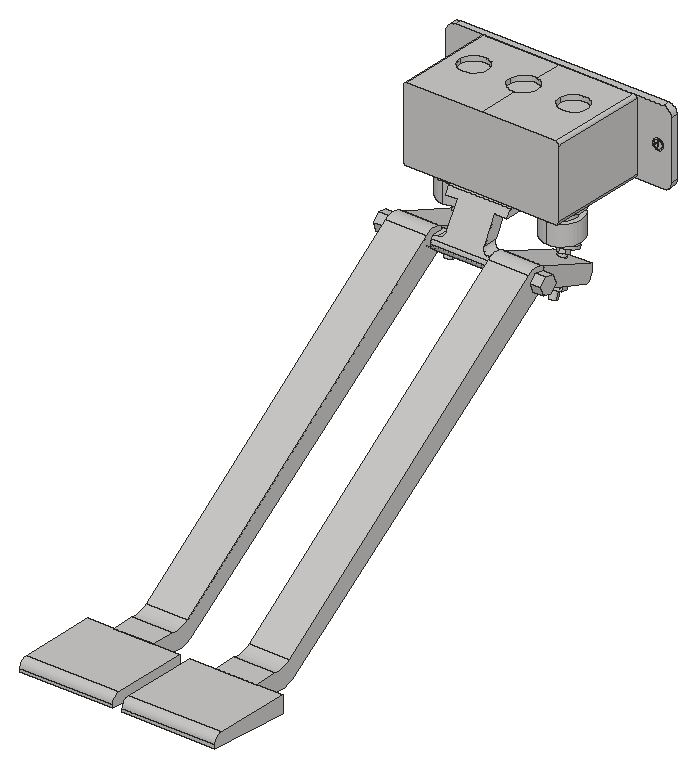
Revit family "S-3219", category Plumbing Fixtures, Revit 2022
Family settings
  Round Connector Dimension = Use Diameter
  Part Type = Normal
  OmniClass Number = 23.45.00.00
  OmniClass Title = Sanitary, Laundry, and Cleaning Equipment
  Work Plane-Based = No
  Always vertical = Yes
  Cut with Voids When Loaded = No
  Maintain Annotation Orientation = No
  Shared = No
  Room Calculation Point = No
Parameters
  LINE = yes
  Default Elevation = 0' - 0"
Reference planes (in)
  plane 1 "Center (Front/Back)": y = 0
  plane 2: z = 0
  plane 3 "Center (Left/Right)": x = 0
  plane 4: y = -1.5
  plane 5: y = -14
  plane 6: x = -2.5
  plane 7: x = 2.5
  plane 8: x = -1.5
  plane 9: x = 1.5
  plane 10: z = 0.9375
  plane 11: z = -9.25
  plane 12: z = -0.9375
Forms (in)
  Extrusion 1, solid, material "Metal"
    sketch origin (0, 0, -0.13672) x (1, 0, 0) y (0, 0, 1)
      loop
        arc (-2.55174, 0.9375) -> (-2.72851, 0.86428) -> (-2.80174, 0.6875) r 0.25
        line (-2.80174, 0.6875) -> (-2.80174, -0.72783)
        arc (-2.80174, -0.72783) -> (-2.74032, -0.87609) -> (-2.59206, -0.9375) r 0.20967
        line (-2.59206, -0.9375) -> (2.65957, -0.9375)
        arc (2.65957, -0.9375) -> (2.8043, -0.87755) -> (2.86425, -0.73282) r 0.20468
        line (2.86425, -0.73282) -> (2.86425, 0.72855)
        arc (2.86425, 0.72855) -> (2.80305, 0.8763) -> (2.65531, 0.9375) r 0.20895
        line (2.65531, 0.9375) -> (-2.55174, 0.9375)
    from 0 to 0.15888
  Extrusion 2, solid, material "Metal"
    sketch origin (0, 0, -0.13672) x (1, 0, 0) y (0, 0, 1)
      loop
        arc (-1.83352, 0.9375) -> (-1.89335, 0.91271) -> (-1.91814, 0.85288) r 0.08462
        line (-1.91814, 0.85288) -> (-1.91814, -0.85288)
        arc (-1.91814, -0.85288) -> (-1.89335, -0.91271) -> (-1.83352, -0.9375) r 0.08462
        line (-1.83352, -0.9375) -> (0.03376, -0.9375) -> (1.90103, -0.9375)
        arc (1.90103, -0.9375) -> (1.96087, -0.91271) -> (1.98565, -0.85288) r 0.08462
        line (1.98565, -0.85288) -> (1.98565, 0.85288)
        arc (1.98565, 0.85288) -> (1.96087, 0.91271) -> (1.90103, 0.9375) r 0.08462
        line (1.90103, 0.9375) -> (0.03376, 0.9375) -> (-1.83352, 0.9375)
    from 0.15888 to 2.58986
  Revolve 3, solid, material "Metal"
    sketch origin (1.33416, 0, 0) x (0, 1, 0) y (0, 0, 1)
      loop
        line (-1.67773, -1.0705) -> (-2.20294, -1.0705) -> (-2.20294, -1.20286) -> (-2.01241, -1.20286) -> (-2.01241, -1.40634) -> (-2.16069, -1.40634) -> (-2.16069, -1.90634)
        arc (-2.16069, -1.90634) -> (-1.92697, -1.99999) -> (-1.67773, -2.03575) r 1.05785
        line (-1.67773, -2.03575) -> (-1.67773, -1.0705)
      axis (-1.67773, -2.03575) -> (-1.67773, -1.0705)
    angle from 0 to 360
  Revolve 4, solid, material "Metal"
    sketch origin (-1.27754, 0, 0) x (0, 1, 0) y (0, 0, 1)
      loop
        line (-1.67773, -1.07596) -> (-2.20294, -1.07596) -> (-2.20294, -1.20286) -> (-2.01241, -1.20286) -> (-2.01241, -1.40634) -> (-2.16069, -1.40634) -> (-2.16069, -1.90634)
        arc (-2.16069, -1.90634) -> (-1.92697, -1.99999) -> (-1.67773, -2.03575) r 1.05785
        line (-1.67773, -2.03575) -> (-1.67773, -1.07596)
      axis (-1.67773, -2.03575) -> (-1.67773, -1.07596)
    angle from 0 to 360
  Sweep 5, solid, material "Metal"
    path origin (1.3125, 0, 0) x (0, 1, 0) y (0, 0, 1)
      loop
        line (-1.58692, -2.17348) -> (-1.63481, -2.32086)
    profile origin (1.3125, -1.61086, -2.24717) x (0, 0.951057, -0.309017) y (1, 0, 0)
      loop
        line (-0.13058, 0) -> (-0.06529, -0.11308) -> (0.06529, -0.11308) -> (0.13058, 0) -> (0.06529, 0.11308) -> (-0.06529, 0.11308) -> (-0.13058, 0)
  Sweep 6, solid, material "Metal"
    path origin (1.3125, 0, 0) x (0, 1, 0) y (0, 0, 1)
      loop
        line (-1.78932, -2.79639) -> (-1.86657, -3.03415)
    profile origin (1.3125, -1.82794, -2.91527) x (0, 0.951057, -0.309017) y (1, 0, 0)
      loop
        line (-0.22571, 0.04387) -> (-0.15085, -0.17354) -> (0.07486, -0.21741) -> (0.22571, -0.04387) -> (0.15085, 0.17354) -> (-0.07486, 0.21741) -> (-0.22571, 0.04387)
  Revolve 7, solid, material "Metal"
    sketch origin (1.3125, 0, 0) x (0, 1, 0) y (0, 0, 1)
      loop
        line (-1.5805, -2.17557) -> (-1.53303, -2.02946)
        arc (-1.53303, -2.02946) -> (-1.6939, -2.00269) -> (-1.85478, -2.02946) r 0.49672
        line (-1.85478, -2.02946) -> (-1.87152, -2.08101) -> (-1.5805, -2.17557)
      axis (-1.53303, -2.02946) -> (-1.5805, -2.17557)
    angle from 0 to 360
  Extrusion 8, solid, material "Metal"
    sketch origin (1.3125, -1.86657, -3.03415) x (1, 0, 0) y (0, -0.951057, 0.309017)
      loop
        circle (0, 0) r 0.09563
    from -0.75 to 0.21195
  Sweep 9, solid, material "Metal"
    path origin (-1.3125, 0, 0) x (0, 1, 0) y (0, 0, 1)
      loop
        line (-1.58692, -2.17348) -> (-1.63481, -2.32086)
    profile origin (-1.3125, -1.61086, -2.24717) x (0, 0.951057, -0.309017) y (1, 0, 0)
      loop
        line (-0.13058, 0) -> (-0.06529, -0.11308) -> (0.06529, -0.11308) -> (0.13058, 0) -> (0.06529, 0.11308) -> (-0.06529, 0.11308) -> (-0.13058, 0)
  Sweep 10, solid, material "Metal"
    path origin (-1.3125, 0, 0) x (0, 1, 0) y (0, 0, 1)
      loop
        line (-1.78932, -2.79639) -> (-1.86657, -3.03415)
    profile origin (-1.3125, -1.82794, -2.91527) x (0, 0.951057, -0.309017) y (1, 0, 0)
      loop
        line (-0.22571, 0.04387) -> (-0.15085, -0.17354) -> (0.07486, -0.21741) -> (0.22571, -0.04387) -> (0.15085, 0.17354) -> (-0.07486, 0.21741) -> (-0.22571, 0.04387)
  Revolve 11, solid, material "Metal"
    sketch origin (-1.3125, 0, 0) x (0, 1, 0) y (0, 0, 1)
      loop
        line (-1.5805, -2.17557) -> (-1.53303, -2.02946)
        arc (-1.53303, -2.02946) -> (-1.6939, -2.00269) -> (-1.85478, -2.02946) r 0.49672
        line (-1.85478, -2.02946) -> (-1.87152, -2.08101) -> (-1.5805, -2.17557)
      axis (-1.53303, -2.02946) -> (-1.5805, -2.17557)
    angle from 0 to 360
  Extrusion 12, solid, material "Metal"
    sketch origin (-1.3125, -1.86657, -3.03415) x (1, 0, 0) y (0, -0.951057, 0.309017)
      loop
        circle (0, 0) r 0.09563
    from -0.75 to 0.21195
  Extrusion 13, solid, material "Metal"
    sketch origin (0, 0, 0) x (0, 1, 0) y (0, 0, 1)
      loop
        arc (-11.11847, -7.83568) -> (-10.93474, -7.82082) -> (-10.76368, -7.75215) r 0.61465
        line (-10.76368, -7.75215) -> (-3.03362, -2.47864)
        arc (-3.03362, -2.47864) -> (-2.8512, -2.21932) -> (-2.88446, -1.90401) r 0.45113
        arc (-2.88446, -1.90401) -> (-3.11136, -1.86033) -> (-3.32642, -1.94485) r 0.4147
        line (-3.32642, -1.94485) -> (-10.82801, -7.27892)
        arc (-10.82801, -7.27892) -> (-11.05449, -7.37698) -> (-11.30127, -7.37438) r 0.59324
        line (-11.30127, -7.37438) -> (-11.87869, -7.37438) -> (-11.87869, -7.78252) -> (-11.11847, -7.83568)
    from 0.79591 to 1.81128
  Extrusion 14, solid, material "Metal"
    sketch origin (0, 0, 0) x (0, 1, 0) y (0, 0, 1)
      loop
        line (-11.87869, -7.79723) -> (-11.87869, -7.37438) -> (-13.79681, -7.37438)
        arc (-13.79681, -7.37438) -> (-13.94049, -7.4339) -> (-14, -7.57757) r 0.20319
        line (-14, -7.57757) -> (-14, -7.6489) -> (-11.87869, -7.79723)
    from 0.14234 to 2.47155
  Extrusion 15, solid, material "Metal"
    sketch origin (0, 0, 0) x (0, 1, 0) y (0, 0, 1)
      loop
        circle (-3.06839, -2.17166) r 0.15455
    from -1.78313 to 1.81128
  Extrusion 16, solid, material "Metal"
    sketch origin (0, 0, 0) x (0, 1, 0) y (0, 0, 1)
      loop
        line (-2.92364, -1.99187) -> (-3.14966, -1.94794) -> (-3.30073, -2.12172) -> (-3.22576, -2.33943) -> (-2.99974, -2.38336) -> (-2.84867, -2.20959) -> (-2.92364, -1.99187)
    from 1.81128 to 2.10095
  Extrusion 17, solid, material "Metal"
    sketch origin (0, 0, 0) x (0, 1, 0) y (0, 0, 1)
      loop
        arc (-3.20003, -2.10302) -> (-3.14099, -2.3089) -> (-2.93512, -2.24986) r 0.15144
        line (-2.93512, -2.24986) -> (-2.4278, -1.33464)
        arc (-2.4278, -1.33464) -> (-2.387, -1.32681) -> (-2.3456, -1.33019) r 0.15376
        line (-2.3456, -1.33019) -> (-1.12577, -1.33019) -> (-1.12577, -1.08449) -> (-2.63544, -1.08449) -> (-3.20003, -2.10302)
    from -0.74109 to 0.79591
  Extrusion 18, void
    sketch origin (0, 0, 0) x (1, 0, 0) y (0, 0, 1)
      loop
        line (-0.45543, -1.26313) -> (-0.74109, -1.26313) -> (-0.74109, -1.99107) -> (-0.63339, -1.99107)
        arc (-0.63339, -1.99107) -> (-0.50959, -1.9579) -> (-0.45543, -1.84174) r 0.15164
        line (-0.45543, -1.84174) -> (-0.45543, -1.26313)
      loop
        line (0.48141, -1.26313) -> (0.48141, -1.84174)
        arc (0.48141, -1.84174) -> (0.53558, -1.9579) -> (0.65938, -1.99107) r 0.15164
        line (0.65938, -1.99107) -> (0.79591, -1.99107) -> (0.79591, -1.26313) -> (0.48141, -1.26313)
    from 2.19719 to 3.40288
  Extrusion 19, solid, material "Metal"
    sketch origin (0, 0, 0) x (0, 1, 0) y (0, 0, 1)
      loop
        arc (-3.03851, -2.48192) -> (-2.92235, -2.44042) -> (-2.80009, -2.45459) r 0.26578
        line (-2.80009, -2.45459) -> (-1.51148, -2.92361)
        arc (-1.51148, -2.92361) -> (-1.36046, -2.74909) -> (-1.36397, -2.51833) r 0.32391
        line (-1.36397, -2.51833) -> (-2.88446, -1.90401)
        arc (-2.88446, -1.90401) -> (-2.85195, -2.22216) -> (-3.03851, -2.48192) r 0.45113
    from 0.85544 to 1.81128
  Extrusion 20, solid, material "Metal"
    sketch origin (-2.57178, 0, 0) x (0, 1, 0) y (0, 0, 1)
      loop
        arc (-11.11847, -7.83568) -> (-10.93474, -7.82082) -> (-10.76368, -7.75215) r 0.61465
        line (-10.76368, -7.75215) -> (-3.03362, -2.47864)
        arc (-3.03362, -2.47864) -> (-2.8512, -2.21932) -> (-2.88446, -1.90401) r 0.45113
        arc (-2.88446, -1.90401) -> (-3.11136, -1.86033) -> (-3.32642, -1.94485) r 0.4147
        line (-3.32642, -1.94485) -> (-10.82801, -7.27892)
        arc (-10.82801, -7.27892) -> (-11.05449, -7.37698) -> (-11.30127, -7.37438) r 0.59324
        line (-11.30127, -7.37438) -> (-11.87869, -7.37438) -> (-11.87869, -7.78252) -> (-11.11847, -7.83568)
    from 0.79591 to 1.81128
  Extrusion 21, solid, material "Metal"
    sketch origin (-2.57178, 0, 0) x (0, 1, 0) y (0, 0, 1)
      loop
        line (-11.87869, -7.79723) -> (-11.87869, -7.37438) -> (-13.79681, -7.37438)
        arc (-13.79681, -7.37438) -> (-13.94049, -7.4339) -> (-14, -7.57757) r 0.20319
        line (-14, -7.57757) -> (-14, -7.6489) -> (-11.87869, -7.79723)
    from 0.14234 to 2.47155
  Extrusion 22, solid, material "Metal"
    sketch origin (-2.57178, 0, 0) x (0, 1, 0) y (0, 0, 1)
      loop
        arc (-3.03851, -2.48192) -> (-2.92235, -2.44042) -> (-2.80009, -2.45459) r 0.26578
        line (-2.80009, -2.45459) -> (-1.51148, -2.92361)
        arc (-1.51148, -2.92361) -> (-1.36046, -2.74909) -> (-1.36397, -2.51833) r 0.32391
        line (-1.36397, -2.51833) -> (-2.88446, -1.90401)
        arc (-2.88446, -1.90401) -> (-2.85195, -2.22216) -> (-3.03851, -2.48192) r 0.45113
    from 0.85544 to 1.81128
  Extrusion 23, solid, material "Metal"
    sketch origin (0, 0, 0) x (0, 1, 0) y (0, 0, -1)
      loop
        line (-2.92364, 1.99187) -> (-2.84867, 2.20959) -> (-2.99974, 2.38336) -> (-3.22576, 2.33943) -> (-3.30073, 2.12172) -> (-3.14966, 1.94794) -> (-2.92364, 1.99187)
    from 1.81128 to 2.10095
  Extrusion 24, void
    sketch origin (0, 0, -0.13672) x (1, 0, 0) y (0, 0, 1)
      loop
        line (-2.54107, 0) -> (-2.48814, 0) -> (-2.48814, -0.0518) -> (-2.44701, -0.0518) -> (-2.44701, 0.00562) -> (-2.39326, 0.00562) -> (-2.39326, 0.04186) -> (-2.44701, 0.04186) -> (-2.44701, 0.09357) -> (-2.48814, 0.09357) -> (-2.48814, 0.04186) -> (-2.54107, 0.04186) -> (-2.54107, 0)
    from 0.11422 to 0.15888
  Extrusion 25, void
    sketch origin (5, 0, -0.13672) x (1, 0, 0) y (0, 0, 1)
      loop
        line (-2.54107, 0) -> (-2.48814, 0) -> (-2.48814, -0.0518) -> (-2.44701, -0.0518) -> (-2.44701, 0.00562) -> (-2.39326, 0.00562) -> (-2.39326, 0.04186) -> (-2.44701, 0.04186) -> (-2.44701, 0.09357) -> (-2.48814, 0.09357) -> (-2.48814, 0.04186) -> (-2.54107, 0.04186) -> (-2.54107, 0)
    from 0.11422 to 0.15888
  Extrusion 26, solid, material "Metal"
    sketch origin (0, 0, -0.14453) x (1, 0, 0) y (0, 0, 1)
      loop
        circle (-2.46683, 0.02485) r 0.11625
      loop
        circle (-2.46683, 0.02485) r 0.12839
    from 0.15888 to 0.16596
  Extrusion 27, solid, material "Metal"
    sketch origin (4.9905, 0, -0.14453) x (1, 0, 0) y (0, 0, 1)
      loop
        circle (-2.46683, 0.02485) r 0.11625
      loop
        circle (-2.46683, 0.02485) r 0.12839
    from 0.15888 to 0.16596
  Extrusion 28, void
    sketch origin (-1.91814, 0, 0.80078) x (0, 1, 0) y (1, 0, 0)
      loop
        circle (-1.208, 0.65747) r 0.35659
      loop
        circle (-1.208, 1.90747) r 0.35659
      loop
        circle (-1.208, 3.15747) r 0.35659
    from 0 to 0.11244
Cuts and joins
  Extrusion 18, Extrusion 28 cuts Extrusion 17
  Extrusion 24, Extrusion 25 cuts Extrusion 1
  Extrusion 28 cuts Extrusion 2
  Extrusion 28 cuts Revolve 3
  Extrusion 28 cuts Revolve 4
  Extrusion 28 cuts Sweep 5
  Extrusion 28 cuts Extrusion 8
  Extrusion 28 cuts Extrusion 12
  Extrusion 28 cuts Extrusion 19
  Extrusion 28 cuts Extrusion 22
Lines and regions (in)
  symbolic lines, style "PlumbingFixturesHiddenLines", visible <- "LINE"
    curve 1: line (2.58084, 0, 0.11866) -> (2.58084, 0, 0.02544)
    curve 2: line (2.58084, 0, 0.02544) -> (2.68217, 0, 0.02544)
    curve 3: line (2.58084, 0, 0.02544) -> (4.11349, 0, 1.55809)
    curve 4: line (4.11349, 0, 1.55809) -> (5.15532, 0, 1.55809)
  symbolic lines, visible <- "LINE"
    curve 5: line (0, -1.208, 0.80078) -> (0, 0.73654, 2.74532)
    curve 6: line (0, 0.73654, 2.74532) -> (0, 1.73654, 2.74532)
    curve 7: line (0, -1.208, 0.80078) -> (0, -1.17845, 0.91107)
    curve 8: line (0, -1.208, 0.80078) -> (0, -1.0716, 0.86439)
    curve 9: line (4.44627, 3.82909, 0) -> (3.30771, 3.82909, 0)
    curve 10: line (3.30771, 3.82909, 0) -> (0.03929, -0.8387, 0)
    curve 11: line (0.03786, -0.83908, 0) -> (0.03786, -0.71161, 0)
    curve 12: line (0.03786, -0.83908, 0) -> (0.1708, -0.80346, 0)
    curve 13: line (-1.29627, -0.64798, 0) -> (-1.29627, -0.79955, 0)
    curve 14: line (-1.29627, -0.79955, 0) -> (-1.15079, -0.79955, 0)
    curve 15: line (-1.29627, -0.79955, 0) -> (3.40601, 5.67258, 0)
    curve 16: line (3.40601, 5.67258, 0) -> (4.44627, 5.67258, 0)
    curve 17: line (1.27347, -0.77053, 0) -> (3.34055, 1.29656, 0)
    curve 18: line (3.34055, 1.29656, 0) -> (4.44627, 1.29656, 0)
    curve 19: line (1.27115, -0.66736, 0) -> (1.27115, -0.77115, 0)
    curve 20: line (1.27115, -0.77115, 0) -> (1.36461, -0.74611, 0)
Text (in)
  text "1/4\"(6mm) DIA CSK HOLE TYP 2 \nPLACES" at (5.28522, 0, 1.99791), in view "Front"
  text "1/2\" FNPT COLD INLET" at (0, 1.71236, 3.51192), in view "Right"
  text "1/2\" FNPT HOT INLET" at (0, 12.07298, 3.21002), in view "Left"
  text "1/2\" FNPT OUTLET" at (4.76473, 4.46222, 0), in view "Ref. Level"
  text "1/2\" FNPT HOT INLET" at (4.76473, 6.08393, 0), in view "Ref. Level"
  text "1/2\" FNPT COLD INLET" at (4.76473, 1.90385, 0), in view "Ref. Level"
Dimensions and locks (in)
  plane 4 to plane 1 "Center (Front/Back)" = 0' - 1 1/2"
  plane 6 to plane 3 "Center (Left/Right)" = 0' - 2 1/2"
  plane 7 to plane 3 "Center (Left/Right)" = 0' - 2 1/2"
  plane 10 to level = 0' - 0 15/16"
  plane 6 to plane 7 = 0' - 5"
  plane 8 to plane 9 = 0' - 3"
  level to plane 12 = 0' - 0 15/16"
  level to plane 11 = 0' - 9 1/4"
  plane 5 to plane 1 "Center (Front/Back)" = 1' - 2"
  aligned and locked: level to plane 2
